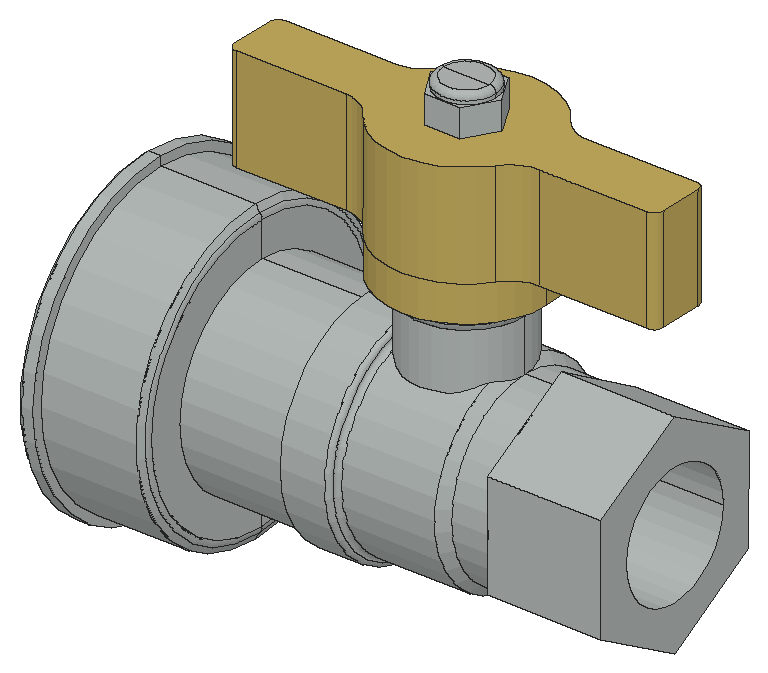
Revit family "QP07050000", category Apparecchi idraulici, Revit 2020
Family settings
  Quota connettore circolare = Usa diametro
  Tipo di parte = Normale
  Numero OmniClass = 23.45.00.00
  Titolo OmniClass = Sanitary, Laundry, and Cleaning Equipment
  Basato su piano di lavoro = No
  Sempre verticale = Sì
  Taglio con vuoti quando caricato = No
  Condiviso = No
  Punto di calcolo locali = No
Parameters
  URL = "https://web.cimberio.com/index.php/figura/76?subcategoria_id=95855"
  Temperatura di esercizio = "-20 ÷ 60°C"
  Prospetto di default = 0 mm
  Produttore = "CIMBERIO SPA"
  Pressione nominale = "MOP 5"
  Modello = "Cim 116G"
  Materiale = "Prodotto in lega di ottone conforme alla norma EN 12165-CW617N-DW"
  Descrizione = "Realizzato in ottemperanza ai requisiti gestionali della norma EN ISO 9001.\r\nUtilizzato per la regolazione della temperatura degli ambienti e comandare apparecchi degli impianti di riscaldamento e condizionamento."
  DN Model [instance] = QP07052130 : QP07052130
  DN [instance] = 20 mm
  Commenti sul tipo = "Utilizzato nell’impiantistica distributiva di gas a bassa pressione per le categorie:\r\nGas naturali: gas derivati dal petrolio (Metano) e gas di ricambio.\r\nGas di città: prodotti secondo i diversi procedimenti (Cracking - Cokerie - ecc.).\r\nGas liquidi: propano e miscele di gas propano/butano"
Reference planes
  plane 1 "Centro (Fronte/Retro)": y = 0
  plane 2: z = 0
  plane 3 "Centro (Sinistra/Destra)": x = 0
Dimensions and locks
  aligned and locked: level to plane 2
Nested families
  nested 1: "QP07052130" at (0, 0, 0), type <- "DN Model", type "QP07052130"
  nested 2: "QP07052130" at (0, 0, 0), type <- "DN Model", type "QP07052130"
Connectors
  piping at (34, 0, 0), diameter 20, driven by "DN"
    settings: on nested 1, index 1, connector inside diameter 609.6 mm, connector length 0 mm, flow factor 0, pipe flow 0.0 L/s, pressure drop 0.0 Pa, fitting loss kfactor 0, connector angle 0.00°, fixture units 0, engagement length 0 mm, angle of deflection 0.00°, flow configuration 0, flow direction 0, fitting loss method 0, system type 7, joint type 0, gender type 0, connector reference index -1, connector utility 0, adjustable connector no, is connector primary yes, connector description ""
  piping at (-52.5, 0, 0), diameter 20, driven by "DN"
    settings: on nested 1, index 2, connector inside diameter 609.6 mm, connector length 0 mm, flow factor 0, pipe flow 0.0 L/s, pressure drop 0.0 Pa, fitting loss kfactor 0, connector angle 0.00°, fixture units 0, engagement length 0 mm, angle of deflection 0.00°, flow configuration 0, flow direction 0, fitting loss method 0, system type 7, joint type 0, gender type 0, connector reference index -1, connector utility 0, adjustable connector no, is connector primary no, connector description ""
Definition of nested family "QP07052130"
  Parameters (values of type "QP07052130")
    URL = ""
    Temperatura di esercizio = ""
    Default Elevation = 0 mm
    Manufacturer = ""
    Pressione nominale = ""
    Model = ""
    Materiale = ""
    Description = ""
    Type Comments = ""
  Reference planes
    plane 1 "Centro (Fronte/Retro)": y = 0
    plane 2: z = 0
    plane 3 "Centro (Sinistra/Destra)": x = 0
  Forms (mm)
    Revolve 1, solid
      sketch origin (0, 0, 0) x (1, 0, 0) y (0, 0, 1)
        loop
          line (-16, -10) -> (-16, -18) -> (-8.797, -18)
          arc (-8.797, -18) -> (-8.249, -17.783) -> (-7.998, -17.25) r 0.8
          arc (-7.998, -17.25) -> (-7.748, -16.717) -> (-7.2, -16.5) r 0.8
          line (-7.2, -16.5) -> (8, -16.5) -> (9.5, -15) -> (15.538, -15) -> (15.538, -10) -> (-16, -10)
        axis (-16, 0) -> (15.538, 0)
      angle from 0 to 360
    Revolve 2, solid
      sketch origin (0, 0, 0) x (1, 0, 0) y (0, 0, 1)
        loop
          line (0, 38.005) -> (0, 13.997) -> (9.5, 13.997) -> (9.5, 23.425)
          arc (9.5, 23.425) -> (9.789, 23.893) -> (10, 24.4) r 3.447
          line (10, 24.4) -> (10, 38.005) -> (0, 38.005)
        axis (0, 38.005) -> (0, 13.997)
      angle from 0 to 360
    Revolve 3, solid
      sketch origin (0, 0, 0) x (1, 0, 0) y (0, 0, 1)
        loop
          line (-33.634, 16.8) -> (-33.634, 10) -> (-16, 10) -> (-16, 16.8) -> (-33.634, 16.8)
        axis (-33.634, 0) -> (-16, 0)
      angle from 0 to 360
    Revolve 4, solid
      sketch origin (0, 0, 0) x (1, 0, 0) y (0, 0, 1)
        loop
          line (-52.5, 15) -> (-33.5, 15) -> (-33.5, 22.5)
          arc (-33.5, 22.5) -> (-33.564, 22.983) -> (-33.75, 23.433) r 1.867
          line (-33.75, 23.433) -> (-34.366, 24.5) -> (-50, 24.5) -> (-50, 26) -> (-51.883, 26) -> (-52.5, 25.5) -> (-52.5, 15)
        axis (-52.5, 0) -> (-33.5, 0)
      angle from 0 to 360
    Extrusion 5, solid
      sketch origin (0, 0, 0) x (0, 1, 0) y (0, 0, 1)
        loop
          circle (0, 0) r 10
        loop
          line (0, 17.35) -> (-15.026, 8.675) -> (-15.026, -8.675) -> (0, -17.35) -> (15.026, -8.675) -> (15.026, 8.675) -> (0, 17.35)
      from 15.538 to 34
    Revolve 6, solid
      sketch origin (0, 0, 0) x (1, 0, 0) y (0, 0, 1)
        loop
          line (0, 26.3) -> (0, 41.3) -> (-13.134, 41.3) -> (-13.134, 26.3) -> (0, 26.3)
        axis (0, 41.3) -> (0, 26.3)
      angle from 0 to 360
    Extrusion 7, solid
      sketch origin (0, 0, 0) x (1, 0, 0) y (0, 1, 0)
        loop
          line (-15.798, 5) -> (-33.5, 5)
          arc (-33.5, 5) -> (-34.561, 4.561) -> (-35, 3.5) r 1.5
          line (-35, 3.5) -> (-35, -3.5)
          arc (-35, -3.5) -> (-34.561, -4.561) -> (-33.5, -5) r 1.5
          line (-33.5, -5) -> (-15.798, -5)
          arc (-15.798, -5) -> (-13.02, -5.682) -> (-10.874, -7.571) r 6
          arc (-10.874, -7.571) -> (0, -13.25) -> (10.874, -7.571) r 13.25
          arc (10.874, -7.571) -> (13.02, -5.682) -> (15.798, -5) r 6
          line (15.798, -5) -> (33.5, -5)
          arc (33.5, -5) -> (34.561, -4.561) -> (35, -3.5) r 1.5
          line (35, -3.5) -> (35, 3.5)
          arc (35, 3.5) -> (34.561, 4.561) -> (33.5, 5) r 1.5
          line (33.5, 5) -> (15.798, 5)
          arc (15.798, 5) -> (13.02, 5.682) -> (10.874, 7.571) r 6
          arc (10.874, 7.571) -> (0, 13.25) -> (-10.874, 7.571) r 13.25
          arc (-10.874, 7.571) -> (-13.02, 5.682) -> (-15.798, 5) r 6
      from 32.3 to 49.3
    Revolve 8, solid
      sketch origin (0, 0, 0) x (1, 0, 0) y (0, 0, 1)
        loop
          line (3.75, 55.3) -> (0, 55.3) -> (0, 52.939) -> (4.75, 52.939) -> (4.75, 54.3)
          arc (4.75, 54.3) -> (4.457, 55.007) -> (3.75, 55.3) r 1
        axis (0, 55.3) -> (0, 52.939)
      angle from 0 to 360
    Extrusion 9, solid
      sketch origin (0, 0, 49.3) x (1, 0, 0) y (0, 1, 0)
        loop
          line (5.774, 0) -> (2.887, 5) -> (-2.887, 5) -> (-5.774, 0) -> (-2.887, -5) -> (2.887, -5) -> (5.774, 0)
      from 0 to 4.5
  Dimensions and locks
    aligned and locked: level to plane 2
